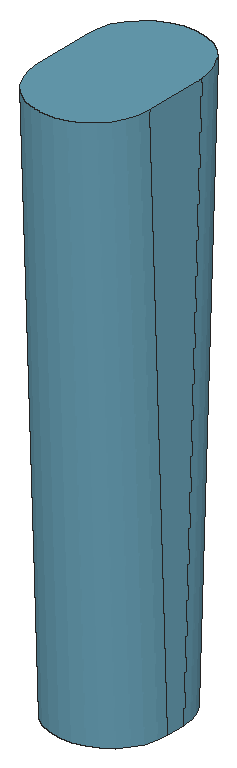
Revit family "CT_Pilar_Con_Pilotis_Ova_Simet", category Structural Columns, Revit 2025
Family settings
  Display in Hidden Views = Edges Hidden by Other Members
  Section Shape = Not Defined
  Material for Model Behavior = Concrete
  Always export as geometry = No
  Beam cutback in plan = From geometry
  OmniClass Number = 23.25.30.11.14.11
  OmniClass Title = Columns
  Cut with Voids When Loaded = No
  Symbolic Representation = From Family
  Shared = No
  Show family pre-cut in plan views = Yes
Parameters (values of type "PIL_050_BLC_CON_OSI")
  b = 500 mm
  Structural Material [instance] = CT_Concreto_Pilotis
  Deslocamento_do_Eixo [instance] = 350 mm
Reference planes
  plane 1 "Center (Front/Back)": y = 0
  plane 2: z = 0
  plane 3 "Center (Left/Right)": x = 0
  plane 4: x = -250
  plane 5: x = 250
  plane 6: y = -350
Forms (mm)
  Blend 1, solid, material "CT_Concreto_Pilotis" <- "Structural Material"
    base sketch origin (0, 0, 0) x (1, 0, 0) y (0, 1, 0)
      loop
        line (-250, 41.51) -> (-250, -41.51)
        arc (-250, -41.51) -> (0, -291.51) -> (250, -41.51) r 250
        line (250, -41.51) -> (250, 41.51)
        arc (250, 41.51) -> (0, 291.51) -> (-250, 41.51) r 250
    top sketch origin (0, 0, 0) x (1, 0, 0) y (0, 1, 0)
      loop
        arc (250, 140.386) -> (0, 390.386) -> (-250, 140.386) r 250
        line (-250, 140.386) -> (-250, -140.386)
        arc (-250, -140.386) -> (0, -390.386) -> (250, -140.386) r 250
        line (250, -140.386) -> (250, 140.386)
    from 0 to 2500
Dimensions and locks
  equal spacing: plane 4, plane 3 "Center (Left/Right)", plane 5
  "b": plane 4 to plane 5
  "Deslocamento_do_Eixo": plane 6 to plane 1 "Center (Front/Back)"
  aligned and locked: level to plane 2
  aligned and locked: level to Blend 1
Automatic sketch dimensions
  Blend 1 sketch curve to plane 4 = 0 mm  (x2)
  Blend 1 sketch curve to plane 3 "Center (Left/Right)" = 0 mm  (x2)
  plane 1 "Center (Front/Back)" to Blend 1 sketch curve = 41.51 mm
  Blend 1 sketch curve to plane 1 "Center (Front/Back)" = 41.51 mm
  plane 1 "Center (Front/Back)" to Blend 1 sketch curve = 140.386 mm
  Blend 1 sketch curve to plane 1 "Center (Front/Back)" = 140.386 mm
